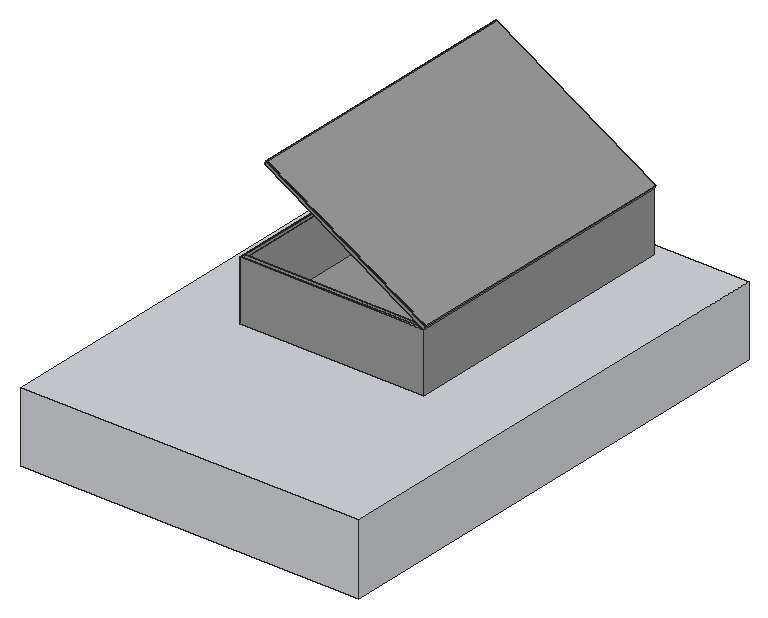
Revit family "Hager-Univers-IP55-D275-H1250-Cl.II-Steel_encl-NL-en", category Equipement électrique, Revit 2020
Family settings
  Hôte = Face
  Configuration du panneau = Deux colonnes, circuits au sein
  Cote de connecteur circulaire = Utiliser le diamètre
  Type d'élément = Tableau de raccordement
  Couper avec des vides une fois chargée = Non
  Partagée = Non
  Point de calcul de pièce = Non
Parameters (values of type "Surface mounted (plaster) IP55 W800 H1250 D275  - FR83S")
  Width Control [instance] = if([EF000008 - Width] > Min Width, [EF000008 - Width], Min Width)  # 800 mm
  Commentaires du type = [HG000003 - Range]  # "Univers"
  Thickness Door [instance] = if([EF009171 - Material plate thickness door/cover] > 3 mm, 3 mm, [EF009171 - Material plate thickness door/cover])  # 1.5 mm
  Seal Frame Offset [instance] = 17 mm  # constant formula
  Plinth Visibility [instance] = [HG000027 - Plinth height] > 0 mm  # no
  Model = ""
  Min Width [instance] = 100 mm  # constant formula
  Min Height [instance] = 100 mm  # constant formula
  Min Depth [instance] = (2 * [EF009170 - Material plate thickness cabinet]) + 1 mm  # 4 mm
  Internal Frame Depth [instance] = (Door System Depth * 0.5)  # 9 mm
  Height Control [instance] = if([EF000040 - Height] > Min Height, [EF000040 - Height], Min Height)  # 1250 mm
  HG000027 - Plinth height = 0 mm
  HG000026 - Floor standing = no
  HG000024 - Bottom section height = 800 mm
  HG000023 - Double section enclosure = no
  HG000016 - Door 3d visibility [instance] = yes
  HG000015 - Clearance visibility [instance] = no
  HG000014 - Door on the right [instance] = yes
  HG000013 - Door on the left [instance] = not([HG000014 - Door on the right])  # no
  HG000012 - Door swing angle [instance] = 30.00°
  HG000010 - Asymmetric doors = no
  HG000009 - Double swing door = no
  HG000006 - Flush mounted = no
  HG000004 - Manufacturer reference = "FR83S"
  HG000003 - Range = "Univers"
  HG000002 - With door or cover = yes
  Frame Offset Bottom [instance] = 10 mm  # constant formula
  Frame Offset [instance] = 15 mm  # constant formula
  EF015940 - Cover with overpressure release = no
  EF011959 - Degree of protection (NEMA) = ""
  EF009554 - Number of openings for flange plates = 6
  EF009212 - Cover model = "EV000116 - Closed"
  EF009171 - Material plate thickness door/cover = 1.5 mm
  EF009170 - Material plate thickness cabinet = 1.5 mm
  Fabricant = "Hager"  # constant formula
  EF008873 - Nominal current (In) = 800 A
  EF007800 - Suitable for lightning protection = no
  EF006306 - With lock = no
  EF006244 - Transparent cover/door = no
  EF005474 - Degree of protection (IP) = "EV006420 - IP55"
  EF004464 - Type of door = "EV002646 - Single"
  EF004427 - Number of modules = 288
  EF004293 - Impact strength = "EV008784 - IK10"
  EF003532 - Suitable for outdoor use = no
  EF002950 - Width in number of modular spacings = 24
  EF001613 - Circuit integrity = "EV000494 - None"
  EF001596 - Material housing = "EV000179 - Steel"
  EF001131 - Internal depth = 275 mm
  EF001088 - Extension possible = yes
  EF000437 - Number of conduit inlets = 6
  EF000339 - Type of cover = "EV004216 - Door"
  EF000266 - Number of rows = 8
  EF000218 - Built-in depth = 0 mm
  EF000118 - With mounting plate = no
  EF000116 - RAL-number = "7035"
  EF000049 - Depth = 275 mm
  EF000040 - Height = 1250 mm
  EF000008 - Width = 800 mm
  EF000007 - Colour = "EV000270 - Grey"
  EF000003 - Mounting method = "EV000384 - Surface mounted (plaster)"
  Door System Leaf Tolerance [instance] = 1.5 mm  # constant formula
  Door System Depth [instance] = 18 mm  # constant formula
  Door Height [instance] = Height Control - [HG000027 - Plinth height]  # 1250 mm
  Depth Control [instance] = if([EF000049 - Depth] > Min Depth, [EF000049 - Depth], Min Depth)  # 275 mm
  Default Elevation = 0 mm
  Connector Offset [instance] = Height Control / 2  # 625 mm
  Bottom Top Plate Trim [instance] = 1.5 mm  # constant formula
  Plinth height Ctrl [instance] = if([HG000027 - Plinth height] > 0 mm, [HG000027 - Plinth height], 12 mm)  # 12 mm
Types (5, lengths in mm): name | Width Control | HG000010 - Asymmetric doors | HG000009 - Double swing door | HG000004 - Manufacturer reference | EF009554 - Number of openings for flange plates | EF004464 - Type of door | EF004427 - Number of modules | EF000437 - Number of conduit inlets | EF000008 - Width
  Surface mounted (plaster) IP55 W1050 H1250 D275  - FR84S | 1050 | no | yes | "FR84S" | 8 | "EV003602 - Double" | 384 | 8 | 1050
  Surface mounted (plaster) IP55 W1300 H1250 D275  - FR85S | 1300 | yes | yes | "FR85S" | 10 | "EV003602 - Double" | 480 | 10 | 1300
  Surface mounted (plaster) IP55 W300 H1250 D275  - FR81S | 300 | no | no | "FR81S" | 2 | "EV002646 - Single" | 96 | 2 | 300
  Surface mounted (plaster) IP55 W550 H1250 D275  - FR82S | 550 | no | no | "FR82S" | 4 | "EV002646 - Single" | 192 | 4 | 550
  Surface mounted (plaster) IP55 W800 H1250 D275  - FR83S | 800 | no | no | "FR83S" | 6 | "EV002646 - Single" | 288 | 6 | 800
Reference planes
  plane 1 "Center (Front/Back)": y = 0
  plane 2: z = 0
  plane 3 "Center (Left/Right)": x = 0
  plane 4: z = 275
  plane 5: y = 1.5
  plane 6: y = 625
  plane 7: y = 0
  plane 8: y = 1250
  plane 9: z = 0
  plane 10: x = -385
  plane 11: x = 385
  plane 12: x = 383.5
  plane 13: x = -383.5
  plane 14: y = 1248.5
  plane 15: x = -383
  plane 16: x = -400
  plane 17: x = 383
  plane 18: x = 400
  plane 19: x = 398.5
  plane 20: x = -398.5
  plane 21: y = 11.5
  plane 22: y = 1250
  plane 23: y = 1233.5
  plane 24: z = 257
  plane 25: z = 1.5
  plane 26: z = 255.5
  plane 27: z = 273.5
Forms (mm)
  Extrusion 1, solid
    sketch origin (0, 0, 0) x (1, 0, 0) y (0, 1, 0)
      loop
        line (-702.964, 1305) -> (-702.964, -811.445) -> (766.763, -811.445) -> (766.763, 1305) -> (-702.964, 1305)
    from 0 to -304.8
  Extrusion 2, solid, material "Hager_Steel_RAL7035_Light_Grey", visible <- "Plinth Visibility", detail levels medium+fine
    sketch origin (0, 0, 0) x (1, 0, 0) y (0, 1, 0)
      loop
        line (-400, 0) -> (400, 0) -> (400, 12) -> (-400, 12) -> (-400, 0)
    from 0 to 257
  Extrusion 3, solid, material "Hager_Steel_RAL7035_Light_Grey", detail levels medium+fine
    sketch origin (0, 0, 0) x (1, 0, 0) y (0, 1, 0)
      loop
        line (-400, 0) -> (400, 0) -> (400, 1250) -> (-400, 1250) -> (-400, 0)
    from 0 to 257
  Extrusion 4, void
    sketch origin (0, 0, 0) x (1, 0, 0) y (0, 1, 0)
      loop
        line (-398.5, 1.5) -> (398.5, 1.5) -> (398.5, 1248.5) -> (-398.5, 1248.5) -> (-398.5, 1.5)
    from 1.5 to 255.5
  Extrusion 5, void
    sketch origin (-381.607, -4572, 257) x (0, -1, 0) y (-1, 0, 0)
      loop
        line (-4583.5, 1.893) -> (-5805.5, 1.893) -> (-5805.5, -765.107) -> (-4583.5, -765.107) -> (-4583.5, 1.893)
    from 0 to 1.5 <- "EF009170 - Material plate thickness cabinet"
  Extrusion 6, solid, material "Hager_Steel_RAL7035_Light_Grey", detail levels fine
    sketch origin (0, 0, 257) x (1, 0, 0) y (0, 1, 0)
      loop
        line (-383.5, 1233.5) -> (-383.5, 11.5) -> (383.5, 11.5) -> (383.5, 1233.5) -> (-383.5, 1233.5)
      loop
        line (-385, 10) -> (385, 10) -> (385, 1235) -> (-385, 1235) -> (-385, 10)
    from 0 to 9 <- "Internal Frame Depth"
  Extrusion 7, solid, material "Hager_Steel_RAL7035_Light_Grey", detail levels coarse
    sketch origin (0, 0, 0) x (1, 0, 0) y (0, 1, 0)
      loop
        line (-400, 0) -> (400, 0) -> (400, 1250) -> (-400, 1250) -> (-400, 0)
    from 0 to 275
  Sweep 8, void
    path in 3D
      loop
        line (-400, 12, 0) -> (400, 12, 0) -> (400, 12, 257) -> (-400, 12, 257) -> (-400, 12, 0)
    profile origin (-400, 12, 128.5) x (-1, 0, 0) y (0, -1, 0)
      loop
        line (0, 0) -> (0, 1.5) -> (-1.5, 1.5)
        arc (-1.5, 1.5) -> (-1.061, 0.439) -> (0, 0) r 1.5
Cuts and joins
  Extrusion 4, Extrusion 5 cuts Extrusion 3
  Sweep 8 cuts Extrusion 2
Lines and regions (mm)
  Masking region 1
    outline origin (0, 0, 0) x (1, 0, 0) y (0, 0, 1)
      loop
        line (-400, 275) -> (-400, 0) -> (400, 0) -> (400, 275) -> (-400, 275)
  Masking region 2, detail levels medium+fine
    outline origin (0, 140, 0) x (0, 1, 0) y (0, 0, 1)
      loop
        line (-140, 0) -> (1110, 0) -> (1110, 257) -> (-140, 257) -> (-140, 0)
  Masking region 3, not visible, detail levels medium+fine
    outline origin (0, 297.922, 0) x (0, 1, 0) y (0, 0, 1)
      loop
        line (338.578, 0) -> (378.578, 0) -> (378.578, 263.5)
        arc (378.578, 263.5) -> (375.649, 270.571) -> (368.578, 273.5) r 10
        line (368.578, 273.5) -> (338.578, 273.5) -> (338.578, 0)
  Masking region 4, detail levels coarse
    outline origin (0, 0, 180) x (0, 1, 0) y (0, 0, 1)
      loop
        line (0, -180) -> (1250, -180) -> (1250, 95) -> (0, 95) -> (0, -180)
  Masking region 5, visible <- "Plinth Visibility", detail levels medium+fine
    outline origin (0, 52.24, 12.345) x (0, 0, -1) y (0, 1, 0)
      loop
        line (10.845, -40.24) -> (-243.155, -40.24)
        arc (-243.155, -40.24) -> (-243.594, -41.301) -> (-244.655, -41.74) r 1.5
        line (-244.655, -41.74) -> (-244.655, -52.24) -> (12.345, -52.24) -> (12.345, -41.74)
        arc (12.345, -41.74) -> (11.285, -41.301) -> (10.845, -40.24) r 1.5
  Masking region 6, detail levels medium+fine
    outline origin (-381.607, -4572, 257) x (-1, 0, 0) y (0, -1, 0)
      loop
        line (18.393, -5822) -> (18.393, -4572) -> (-781.607, -4572) -> (-781.607, -5822) -> (18.393, -5822)
  Masking region 7, visible <- "Plinth Visibility", detail levels medium+fine
    outline origin (-381.607, -4727, 257) x (-1, 0, 0) y (0, -1, 0)
      loop
        arc (16.893, -4739) -> (17.332, -4737.939) -> (18.393, -4737.5) r 1.5
        line (18.393, -4737.5) -> (18.393, -4727) -> (-781.607, -4727) -> (-781.607, -4737.5)
        arc (-781.607, -4737.5) -> (-780.546, -4737.939) -> (-780.107, -4739) r 1.5
        line (-780.107, -4739) -> (16.893, -4739)
  Masking region 8, detail levels coarse
    outline origin (-442.548, -4669.526, 257) x (-1, 0, 0) y (0, -1, 0)
      loop
        line (-42.548, -5919.526) -> (-42.548, -4669.526) -> (-842.548, -4669.526) -> (-842.548, -5919.526) -> (-42.548, -5919.526)
  sketch lines
    curve 1: line (-400, 12, 257) -> (-400, 12, 0)
    curve 2: line (400, 12, 257) -> (-400, 12, 257)
    curve 3: line (400, 12, 257) -> (400, 12, 0)
    curve 4: line (-400, 12, 0) -> (400, 12, 0)
Dimensions and locks
  "Depth Control": plane 4 to Extrusion 1
  "HG000027 - Plinth height": plane 1 "Center (Front/Back)" to plane 7
  "EF009170 - Material plate thickness cabinet": plane 5 to plane 7
  locked: connector elem to plane 3 "Center (Left/Right)"
  equal spacing: plane 8, plane 6, plane 7
  locked: connector elem to plane 6
  "EF009170 - Material plate thickness cabinet": plane 8 to plane 14
  "EF009170 - Material plate thickness cabinet": plane 10 to plane 13
  "EF009170 - Material plate thickness cabinet": plane 12 to plane 11
  "Frame Offset": plane 20 to plane 13
  "Frame Offset": plane 12 to plane 19
  "EF009170 - Material plate thickness cabinet": plane 16 to plane 20
  "EF009170 - Material plate thickness cabinet": plane 19 to plane 18
  "Seal Frame Offset": plane 16 to plane 15
  "Seal Frame Offset": plane 17 to plane 18
  "Frame Offset Bottom": plane 21 to plane 5
  "Frame Offset": plane 14 to plane 23
  equal spacing: plane 16, plane 3 "Center (Left/Right)", plane 18
  "Width Control": plane 16 to plane 18
  "EF009170 - Material plate thickness cabinet": plane 4 to plane 27
  "EF009170 - Material plate thickness cabinet": plane 24 to plane 26
  "EF009170 - Material plate thickness cabinet": plane 25 to level
  "Door System Depth": plane 4 to plane 24
  "Height Control": plane 1 "Center (Front/Back)" to Extrusion 7 sketch curve
  "Height Control": Masking region 4 sketch curve to plane 1 "Center (Front/Back)"
  "Height Control": plane 1 "Center (Front/Back)" to plane 22
  "Bottom Top Plate Trim": profile plane to Sweep 8 sketch curve
  "Bottom Top Plate Trim": Sweep 8 sketch curve to profile plane
  "Plinth height Ctrl": plane 1 "Center (Front/Back)" to Extrusion 2 sketch curve
  "Plinth height Ctrl": Masking region 5 sketch curve to plane 1 "Center (Front/Back)"
  "Plinth height Ctrl": plane 1 "Center (Front/Back)" to Masking region 7 sketch curve
  "Thickness Door": Extrusion 6 sketch curve to Extrusion 6 sketch curve  (x3)
  "Thickness Door": cut or joined group of Extrusion 3, Extrusion 4, Extrusion 5 to Extrusion 6 sketch curve
  radius of Masking region 3 sketch curve = 10 mm
  "Bottom Top Plate Trim": radius of Masking region 5 sketch curve  (x2)
  "Bottom Top Plate Trim": radius of Sweep 8 sketch curve
  "Bottom Top Plate Trim": radius of Masking region 7 sketch curve  (x2)
  aligned and locked: plane 2 to Extrusion 1
  aligned and locked: level to Extrusion 1
  aligned and locked: level to Masking region 1 sketch curve
  aligned and locked: Masking region 1 sketch curve to plane 18
  aligned and locked: Masking region 1 sketch curve to plane 16
  aligned and locked: plane 7 to Masking region 2 sketch curve
  aligned and locked: level to Masking region 3 sketch curve
  aligned and locked: Masking region 3 sketch curve to plane 27
  aligned and locked: level to Masking region 2 sketch curve
  aligned and locked: plane 1 "Center (Front/Back)" to Extrusion 2 sketch curve
  aligned and locked: Extrusion 3 sketch curve to plane 7
  aligned and locked: plane 16 to Extrusion 3 sketch curve
  aligned and locked: plane 18 to Extrusion 3 sketch curve
  aligned and locked: plane 20 to Extrusion 4 sketch curve
  aligned and locked: plane 19 to Extrusion 4 sketch curve
  aligned and locked: Extrusion 4 sketch curve to plane 5
  aligned and locked: Extrusion 4 to plane 25
  aligned and locked: plane 26 to Extrusion 4
  aligned and locked: plane 24 to Extrusion 3
  aligned and locked: Extrusion 5 sketch curve to plane 21
  aligned and locked: Extrusion 5 sketch curve to plane 13
  aligned and locked: Extrusion 5 sketch curve to plane 12
  aligned and locked: plane 18 to Extrusion 7 sketch curve
  aligned and locked: plane 1 "Center (Front/Back)" to Extrusion 7 sketch curve
  aligned and locked: plane 16 to Extrusion 7 sketch curve
  aligned and locked: plane 4 to Extrusion 7
  aligned and locked: Extrusion 7 to level
  aligned and locked: level to Masking region 4 sketch curve
  aligned and locked: Masking region 4 sketch curve to plane 1 "Center (Front/Back)"
  aligned and locked: Masking region 4 sketch curve to plane 4
  aligned and locked: nested 1 to level
  aligned and locked: nested 1 to plane 16
  aligned and locked: plane 8 to Extrusion 3 sketch curve
  aligned and locked: plane 23 to Extrusion 5 sketch curve
  aligned and locked: plane 14 to Extrusion 4 sketch curve
  aligned and locked: Masking region 2 sketch curve to plane 8
  aligned and locked: level to Masking region 5 sketch curve
  aligned and locked: plane 16 to Extrusion 2 sketch curve
  aligned and locked: plane 18 to Extrusion 2 sketch curve
  aligned and locked: Masking region 5 sketch curve to plane 24
  aligned and locked: Masking region 2 sketch curve to plane 24
  aligned and locked: plane 24 to Extrusion 2
  aligned and locked: profile plane to Sweep 8 sketch curve  (x2)
  aligned and locked: Masking region 6 sketch curve to plane 18
  aligned and locked: Masking region 6 sketch curve to plane 22
  aligned and locked: Masking region 6 sketch curve to plane 16
  aligned and locked: plane 8 to plane 22
  aligned and locked: Masking region 6 sketch curve to plane 7
  aligned and locked: Masking region 7 sketch curve to plane 16
  aligned and locked: Masking region 7 sketch curve to plane 1 "Center (Front/Back)"
  aligned and locked: Masking region 7 sketch curve to plane 18
  aligned and locked: Masking region 8 sketch curve to plane 1 "Center (Front/Back)"
  aligned and locked: Masking region 8 sketch curve to plane 18
  aligned and locked: Masking region 8 sketch curve to plane 22
  aligned and locked: Masking region 8 sketch curve to plane 16
  aligned and locked: nested 2 to plane 7
  aligned and locked: plane 3 "Center (Left/Right)" to nested 2
  aligned and locked: nested 2 to plane 24
  aligned and locked: Extrusion 6 sketch curve to cut or joined group of Extrusion 3, Extrusion 4, Extrusion 5  (x4)
Automatic sketch dimensions
  Extrusion 1 sketch curve to Extrusion 1 sketch curve = 1469.727 mm
  Extrusion 1 sketch curve to Extrusion 1 sketch curve = 2116.445 mm
  Masking region 1 sketch curve to plane 4 = 0 mm
  plane 6 to Masking region 3 sketch curve = 11.5 mm
  Masking region 3 sketch curve to Masking region 3 sketch curve = 30 mm
  Masking region 5 sketch curve to plane 1 "Center (Front/Back)" = 0 mm
Nested families
  nested 1: "Hager_Enclosure_Symbol" at (-400, 0, 0) x (1, 0, 0) z (0, -1, 0), Height <- "Depth Control", Width <- "Width Control", type "Hager_Enclosure_Symbol"
    with Width_Ctrl 800 mm, Width 800 mm, Height_Ctrl 275 mm, Height 275 mm, A_Width_Int 18.047 mm, A_Width 216.562 mm, A_Height_Ctrl 240.625 mm, A_Height 240.625 mm
  nested 2: "EC000058_Univers_Door" at (0, 0, 257) x (1, 0, 0) z (0, 1, 0), Leaf_Tolerance <- "Door System Leaf Tolerance", Angle <- "HG000012 - Door swing angle", Door_Depth <- "Door System Depth", Door_Left <- "HG000013 - Door on the left", Transparent <- "EF006244 - Transparent cover/door", Assymetrical <- "HG000010 - Asymmetric doors", Width <- "Width Control", Clearance <- "HG000015 - Clearance visibility", Double <- "HG000009 - Double swing door", 3d_Door <- "HG000016 - Door 3d visibility", Lock_Visibility <- "EF006306 - With lock", Width_Ctrl <- "Width Control", Door_Right <- "HG000014 - Door on the right", Door <- "HG000002 - With door or cover", Height <- "Door Height", Thickness <- "Thickness Door", type "EC000058_Univers_Door", detail levels medium+fine
    with min_wh 4 mm, Width_Ctrl 800 mm, Width 800 mm, Transparent no, Thickness 1.5 mm, Seal_Material Hager_Rubber, Lock_Visibility no, Lock_Material Hager_Plastic_RAL9005_Jet_Black, Leaf_Width 800 mm, Leaf_Tolerance_External_Sides 0 mm, Leaf_Tolerance 1.5 mm, Leaf_Offset 0 mm, Leaf_Height 1247 mm, Leaf_2_Width 800 mm, Leaf_2_Offset 400 mm, Leaf_1_Width 800 mm, Leaf_1_Offset 400 mm, Height_Ctrl 1250 mm, Height 1250 mm, Glass_Material Hager_Glass, Double_Clearance_Ctrl no, Double no, Door_Right_Ctrl yes, Door_Right yes, Door_Material Hager_Steel_RAL7035_Light_Grey, Door_Left_Ctrl no, Door_Left no, Door_Depth 18 mm, Door yes, Clearance_Material Hager_Clearance, Clearance_Depth 800 mm, Clearance_Ctrl no, Clearance no, Assymetrical no, Angle 30.00°, 3d_Door yes
Connectors
  electrical at (0, 625, 0)
    settings: on plane 9, index 1, voltage 0 V, apparent load 0 VA, apparent load phase1 0 VA, apparent load phase2 0 VA, apparent load phase3 0 VA, power factor 1, load classification "Other", number of poles 1, system type 30, power factor state 1, is connector primary yes, connector utility no, sub classification motor no, connector description ""
Definition of nested family "EC000058_Univers_Door"
  Parameters (values of type "EC000058_Univers_Door")
    min_wh [instance] = (2 * Thickness) + 1 mm  # 11 mm
    Width_Ctrl [instance] = 400 mm
    Width [instance] = 500 mm
    Transparent [instance] = yes
    Thickness [instance] = 5 mm
    Seal_Material [instance] = none
    Lock_Visibility [instance] = yes
    Lock_Material [instance] = none
    Leaf_Width [instance] = if((Width_Ctrl - 2 * Leaf_Tolerance_External_Sides) > 0 mm, (Width_Ctrl - 2 * Leaf_Tolerance_External_Sides), min_wh)  # 400 mm
    Leaf_Tolerance_External_Sides [instance] = 0 mm  # constant formula
    Leaf_Tolerance [instance] = 1.5 mm
    Leaf_Offset [instance] = 0 mm  # constant formula
    Leaf_Height [instance] = if((Height_Ctrl - 2 * Leaf_Tolerance) > 0 mm, (Height_Ctrl - 2 * Leaf_Tolerance), min_wh)  # 497 mm
    Leaf_2_Width [instance] = if(and(and(Double, Assymetrical), Door_Left), (Leaf_Width / 3) - (Leaf_Tolerance / 2), if(and(and(Double, Assymetrical), Door_Right), (Leaf_Width / 3) * 2 - (Leaf_Tolerance / 2), if(and(Double, not(Assymetrical)), (Leaf_Width / 2) - Leaf_Tolerance, Leaf_Width)))  # 400 mm
    Leaf_2_Offset [instance] = if(and(Double, Assymetrical), Leaf_2_Width / 2, if(and(Double, not(Assymetrical)), Leaf_Width / 4, Leaf_Width / 2))  # 200 mm
    Leaf_1_Width [instance] = if(and(and(Double, Assymetrical), Door_Right), (Leaf_Width / 3) - (Leaf_Tolerance / 2), if(and(and(Double, Assymetrical), Door_Left), (Width / 3) * 2 - (Leaf_Tolerance / 2), if(and(Double, not(Assymetrical)), (Leaf_Width / 2) - Leaf_Tolerance, Leaf_Width)))  # 400 mm
    Leaf_1_Offset [instance] = if(and(Double, Assymetrical), Leaf_1_Width / 2, if(and(Double, not(Assymetrical)), Leaf_Width / 4, Leaf_Width / 2))  # 200 mm
    Height_Ctrl [instance] = if(Height > min_wh, Height, min_wh)  # 500 mm
    Height [instance] = 500 mm
    Glass_Material [instance] = none
    Double_Clearance_Ctrl [instance] = and(Double, Clearance)  # no
    Double [instance] = no
    Door_Right_Ctrl [instance] = and(or(Door_Right, Double), Door)  # yes
    Door_Right [instance] = yes
    Door_Material [instance] = none
    Door_Left_Ctrl [instance] = and(or(Door_Left, Double), Door)  # no
    Door_Left [instance] = no
    Door_Depth [instance] = 30 mm
    Door [instance] = yes
    Default Elevation = 1219.2 mm
    Clearance_Material [instance] = none
    Clearance_Depth [instance] = if(Leaf_1_Width > Leaf_2_Width, Leaf_1_Width, Leaf_2_Width)  # 400 mm
    Clearance_Ctrl [instance] = and(not(Double), Clearance)  # yes
    Clearance [instance] = yes
    Assymetrical [instance] = yes
    Angle [instance] = 30.00°
    3d_Door [instance] = yes
  Reference planes
    plane 1 "Center (Front/Back)": y = 0
    plane 2 "Bottom": z = 0
    plane 3 "Center (Left/Right)": x = 0
    plane 4: z = 500
    plane 5: x = -200
    plane 6: x = 200
    plane 7: z = 500
    plane 8: x = -200
    plane 9: z = 0
    plane 10: x = 200
    plane 11: y = 0
    plane 12: z = 1.5
    plane 13: x = -600
    plane 14: y = -400
    plane 15: x = 600
    plane 16: x = 0
    plane 17: x = 0
    plane 18: x = -200
    plane 19: x = 200
    plane 20: z = 498.5
  Forms (mm)
    Extrusion 1, solid, material <- "Clearance_Material", visible <- "Double_Clearance_Ctrl"
      sketch origin (1200, 0, 0) x (1, 0, 0) y (0, 0, -1)
        loop
          line (-1800, -498.5) -> (-600, -498.5) -> (-600, 0) -> (-1800, 0) -> (-1800, -498.5)
      from 0 to -400
  Dimensions and locks
    equal spacing: plane 5, plane 3 "Center (Left/Right)", plane 6
    "Width_Ctrl": plane 5 to plane 6
    "Leaf_Offset": plane 5 to plane 8
    "Leaf_Offset": plane 6 to plane 10
    "Leaf_Offset": plane 9 to level
    "Leaf_Offset": plane 4 to plane 7
    "Height_Ctrl": plane 4 to level
    "Leaf_Tolerance": plane 12 to plane 9
    locked: plane 11 to plane 1 "Center (Front/Back)"
    "Leaf_1_Offset": plane 18 to plane 16
    "Leaf_2_Offset": plane 17 to plane 19
    "Leaf_1_Width": plane 13 to plane 8
    "Leaf_2_Width": plane 10 to plane 15
    "Clearance_Depth": plane 14 to plane 1 "Center (Front/Back)"
    "Leaf_Tolerance_External_Sides": plane 8 to plane 18
    "Leaf_Tolerance_External_Sides": plane 19 to plane 10
    "Leaf_Tolerance": plane 7 to plane 20
    aligned and locked: level to plane 2 "Bottom"
    aligned and locked: nested 1 to plane 16
    aligned and locked: nested 2 to plane 17
    aligned and locked: Extrusion 1 to plane 13
    aligned and locked: plane 15 to Extrusion 1
    aligned and locked: Extrusion 1 to plane 14
    aligned and locked: plane 12 to nested 1
    aligned and locked: nested 2 to plane 12
    aligned and locked: Extrusion 1 to plane 11
    aligned and locked: plane 20 to Extrusion 1
    aligned and locked: nested 2 to plane 11
    aligned and locked: nested 1 to plane 11
  Automatic sketch dimensions
    Extrusion 1 sketch curve to level = 0 mm
    plane 5 to Extrusion 1 sketch curve = 400 mm
    plane 6 to Extrusion 1 sketch curve = 400 mm
    Extrusion 1 sketch curve to plane 4 = 1.5 mm
  Nested families
    nested 1: "EC000058_Univers_Door_Leaf" at (0, 0, 1.5), Width <- "Leaf_1_Width", visible <- "Door_Left_Ctrl", Leaf_Height <- "Leaf_Height", Angle <- "Angle", 3d_Door <- "3d_Door", Transparent <- "Transparent", Clearance Material <- "Clearance_Material", Clearance <- "Clearance_Ctrl", Door_Material <- "Door_Material", Glass_Material <- "Glass_Material", Door_Depth <- "Door_Depth", Lock_Material <- "Lock_Material", Seal_Material <- "Seal_Material", Lock_Visibility <- "Lock_Visibility", Thickness <- "Thickness", type "EC000058_Univers_Door_Leaf"
      with Width 400 mm, Transparent_Glass_Offset 30 mm, Transparent_Ctrl yes, Transparent yes, Thickness 5 mm, Standard no, Seal_Material none, Seal_D2 8 mm, Seal_D1 1 mm, Offset_Internal_Frame 10 mm, Lock_Width 20 mm, Lock_Visibility_3d yes, Lock_Visibility yes, Lock_Thickness_3 3 mm, Lock_Thickness_2 1 mm, Lock_Thickness_1 3 mm, Lock_Radius_Offset_2 16 mm, Lock_Radius_Offset_1 15 mm, Lock_Radius_2 5 mm, Lock_Radius 6 mm, Lock_Offset 5 mm, Lock_Material none, Lock_Height 80 mm, Lock_Cover_Top_Offset_2d 17 mm, Lock_Cover_Height -65 mm, Leaf_Height 497 mm, Internal_Seal_Thickness 8 mm, Internal_Seal_Depth_2 4.5 mm, Internal_Frame_Depth 25 mm, Glass_Thickness -1 mm, Glass_Offset -2 mm, Glass_Material none, Door_Material none, Door_Depth 30 mm, Clearance Material none, Clearance yes, Angle_Ctrl 30.00°, Angle 30.00°, 3d_Door yes
    nested 2: "EC000058_Univers_Door_Leaf" at (0, 0, 1.5) x (-1, 0, 0) z (0, 0, 1), Width <- "Leaf_2_Width", visible <- "Door_Right_Ctrl", Leaf_Height <- "Leaf_Height", Angle <- "Angle", 3d_Door <- "3d_Door", Transparent <- "Transparent", Clearance Material <- "Clearance_Material", Clearance <- "Clearance_Ctrl", Door_Material <- "Door_Material", Glass_Material <- "Glass_Material", Door_Depth <- "Door_Depth", Lock_Material <- "Lock_Material", Seal_Material <- "Seal_Material", Lock_Visibility <- "Lock_Visibility", Thickness <- "Thickness", type "EC000058_Univers_Door_Leaf"
      with Width 400 mm, Transparent_Glass_Offset 30 mm, Transparent_Ctrl yes, Transparent yes, Thickness 5 mm, Standard no, Seal_Material none, Seal_D2 8 mm, Seal_D1 1 mm, Offset_Internal_Frame 10 mm, Lock_Width 20 mm, Lock_Visibility_3d yes, Lock_Visibility yes, Lock_Thickness_3 3 mm, Lock_Thickness_2 1 mm, Lock_Thickness_1 3 mm, Lock_Radius_Offset_2 16 mm, Lock_Radius_Offset_1 15 mm, Lock_Radius_2 5 mm, Lock_Radius 6 mm, Lock_Offset 5 mm, Lock_Material none, Lock_Height 80 mm, Lock_Cover_Top_Offset_2d 17 mm, Lock_Cover_Height -65 mm, Leaf_Height 497 mm, Internal_Seal_Thickness 8 mm, Internal_Seal_Depth_2 4.5 mm, Internal_Frame_Depth 25 mm, Glass_Thickness -1 mm, Glass_Offset -2 mm, Glass_Material none, Door_Material none, Door_Depth 30 mm, Clearance Material none, Clearance yes, Angle_Ctrl 30.00°, Angle 30.00°, 3d_Door yes
  Definition of nested family "EC000058_Univers_Door_Leaf"
    Parameters (values of type "EC000058_Univers_Door_Leaf")
      Width [instance] = 2000 mm
      Transparent_Glass_Offset [instance] = 30 mm
      Transparent_Ctrl [instance] = and(Transparent, [3d_Door])  # yes
      Transparent [instance] = yes
      Thickness [instance] = 5 mm
      Standard [instance] = and(not(Transparent), [3d_Door])  # no
      Seal_Material [instance] = none
      Seal_D2 [instance] = 8 mm  # constant formula
      Seal_D1 [instance] = 1 mm  # constant formula
      Offset_Internal_Frame [instance] = 10 mm  # constant formula
      Lock_Width [instance] = 20 mm  # constant formula
      Lock_Visibility_3d [instance] = and(Lock_Visibility, [3d_Door])  # yes
      Lock_Visibility [instance] = yes
      Lock_Thickness_3 [instance] = 3 mm  # constant formula
      Lock_Thickness_2 [instance] = 1 mm  # constant formula
      Lock_Thickness_1 [instance] = 3 mm  # constant formula
      Lock_Radius_Offset_2 [instance] = Lock_Radius_Offset_1 + 1 mm  # 16 mm
      Lock_Radius_Offset_1 [instance] = 15 mm  # constant formula
      Lock_Radius_2 [instance] = Lock_Radius - 1 mm  # 5 mm
      Lock_Radius [instance] = 6 mm  # constant formula
      Lock_Offset [instance] = 5 mm  # constant formula
      Lock_Material [instance] = none
      Lock_Height [instance] = 80 mm  # constant formula
      Lock_Cover_Top_Offset_2d [instance] = Lock_Radius_Offset_2 + 1 mm  # 17 mm
      Lock_Cover_Height [instance] = -(Lock_Height - Lock_Radius_Offset_1)  # -65 mm
      Leaf_Height [instance] = 2720.336 mm
      Internal_Seal_Thickness [instance] = 8 mm  # constant formula
      Internal_Seal_Depth_2 [instance] = 4.5 mm  # constant formula
      Internal_Frame_Depth [instance] = if(Door_Depth - Thickness > 5 mm, Door_Depth - Thickness, 5 mm)  # 25 mm
      Glass_Thickness [instance] = if(Thickness > 15 mm, Glass_Offset + 10 mm, -1 mm)  # -1 mm
      Glass_Offset [instance] = if(Thickness > 15 mm, -(Thickness + 10 mm) / 2, -2 mm)  # -2 mm
      Glass_Material [instance] = none
      Door_Material [instance] = none
      Door_Depth [instance] = 30 mm
      Default Elevation = 0 mm
      Clearance Material [instance] = none
      Clearance [instance] = yes
      Angle_Ctrl [instance] = if(Angle > 180.00°, 180.00°, Angle)  # 90.00°
      Angle [instance] = 90.00°
      3d_Door [instance] = yes
    Reference planes
      plane 1 "Center (Front/Back)": y = 0
      plane 2: z = 0
      plane 3 "Center (Left/Right)": x = 0
      plane 4: y = 2000
      plane 5: x = -1000
      plane 6: x = 1000
      plane 7: x = -3000
      plane 8: z = 2720.336
      plane 9: z = 30
      plane 10: z = 2690.336
      plane 11: x = 970
      plane 12: x = -970
      plane 13: y = -3
      plane 14: z = 107.833
      plane 15: y = -5
      plane 16: y = -223.314
      plane 17: x = -1000
      plane 18: z = 1360.168
      plane 19: y = 30
    Forms (mm)
      Extrusion 1, solid, material <- "Clearance Material", visible <- "Clearance"
        sketch origin (0, 0, 0) x (1, 0, 0) y (0, 0, 1)
          loop
            line (-3000, 2720.336) -> (-3000, 0) -> (1000, 0) -> (1000, 2720.336) -> (-3000, 2720.336)
        from 0 to -2000
      Extrusion 2, solid, material <- "Door_Material", visible <- "Standard", detail levels medium+fine
        sketch origin (-1000, 0, 0) x (0, 1, 0) y (-1, 0, 0)
          loop
            line (0, 30) -> (0, 25) -> (2000, 25) -> (2000, 30) -> (0, 30)
        from 0 to 2720.336 <- "Leaf_Height"
      Extrusion 3, solid, material <- "Door_Material", visible <- "Transparent_Ctrl", detail levels medium+fine
        sketch origin (-1000, 0, 0) x (0, 1, 0) y (-1, 0, 0)
          loop
            line (0, 25) -> (2000, 25) -> (2000, 30) -> (0, 30) -> (0, 25)
        from 0 to 2720.336 <- "Leaf_Height"
      Extrusion 4, void
        sketch origin (-1025, 2000, 0) x (0, 1, 0) y (0, 0, -1)
          loop
            line (-30, -2690.336) -> (-30, -30) -> (-1970, -30) -> (-1970, -2690.336) -> (-30, -2690.336)
        from 0 to 5 <- "Thickness"
      Sweep 5, solid, material <- "Seal_Material", visible <- "Transparent_Ctrl", detail levels fine
        path in 3D
          loop
            line (-1025, 30, 30) -> (-1025, 30, 2690.336) -> (-1025, 1970, 2690.336) -> (-1025, 1970, 30) -> (-1025, 30, 30)
        profile origin (-1025, 1000, 30) x (1, 0, 0) y (0, 0, 1)
          loop
            line (0, 0) -> (0, -8) -> (1, -8) -> (1, 0) -> (0, 0)
      Extrusion 6, solid, material <- "Glass_Material", visible <- "Transparent_Ctrl", detail levels medium+fine
        sketch origin (-1030, 0, 0) x (0, 1, 0) y (0, 0, -1)
          loop
            line (1970, -2690.336) -> (1970, -30) -> (30, -30) -> (30, -2690.336) -> (1970, -2690.336)
        from -2 <- "Glass_Offset" to -1 <- "Glass_Thickness"
      Extrusion 7, solid, material <- "Door_Material", visible <- "3d_Door", detail levels medium+fine
        sketch origin (-1025, 2000, 0) x (0, -1, 0) y (0, 0, -1)
          loop
            line (0, -2720.336) -> (2000, -2720.336) -> (2000, 0) -> (0, 0) -> (0, -2720.336)
          loop
            line (1995, -5) -> (5, -5) -> (5, -2715.336) -> (1995, -2715.336) -> (1995, -5)
        from 0 to 25 <- "Internal_Frame_Depth"
      Sweep 8, solid, material <- "Seal_Material", visible <- "Transparent_Ctrl", detail levels fine
        path in 3D
          loop
            line (-1025, 0, 0) -> (-1025, 2000, 0) -> (-1025, 2000, 2720.336) -> (-1025, 0, 2720.336) -> (-1025, 0, 0)
        profile origin (-1025, 0, 1360.168) x (1, 0, 0) y (0, 1, 0)
          loop
            line (0, 10) -> (2.975, 10)
            arc (2.975, 10) -> (4.053, 10.447) -> (4.5, 11.525) r 1.525
            line (4.5, 11.525) -> (4.5, 16.527)
            arc (4.5, 16.527) -> (4.069, 17.569) -> (3.027, 18) r 1.473
            line (3.027, 18) -> (0, 18) -> (0, 10)
      Extrusion 9, solid, material <- "Lock_Material", visible <- "Lock_Visibility_3d", detail levels fine
        sketch origin (-1030, 0, 0) x (0, 1, 0) y (0, 0, -1)
          loop
            arc (1993.5, -1400.168) -> (1994.561, -1399.729) -> (1995, -1398.668) r 1.5
            line (1995, -1398.668) -> (1995, -1320.168) -> (1975, -1320.168) -> (1975, -1398.668)
            arc (1975, -1398.668) -> (1975.439, -1399.729) -> (1976.5, -1400.168) r 1.5
            line (1976.5, -1400.168) -> (1993.5, -1400.168)
        from 3 <- "Lock_Thickness_1" to 0
      Blend 10, solid, material <- "Lock_Material", visible <- "Lock_Visibility_3d", detail levels fine
        base sketch origin (-1033, 0, 0) x (0, 1, 0) y (0, 0, -1)
          loop
            line (1975, -1320.168) -> (1975, -1398.668)
            arc (1975, -1398.668) -> (1975.439, -1399.729) -> (1976.5, -1400.168) r 1.5
            line (1976.5, -1400.168) -> (1993.5, -1400.168)
            arc (1993.5, -1400.168) -> (1994.561, -1399.729) -> (1995, -1398.668) r 1.5
            line (1995, -1398.668) -> (1995, -1320.168) -> (1975, -1320.168)
        top sketch origin (-1033, 0, 0) x (0, 1, 0) y (0, 0, -1)
          loop
            line (1976, -1320.168) -> (1976, -1398.668)
            arc (1976, -1398.668) -> (1976.146, -1399.022) -> (1976.5, -1399.168) r 0.5
            line (1976.5, -1399.168) -> (1993.5, -1399.168)
            arc (1993.5, -1399.168) -> (1993.854, -1399.022) -> (1994, -1398.668) r 0.5
            line (1994, -1398.668) -> (1994, -1320.168) -> (1976, -1320.168)
        from 0 to 1 <- "Lock_Thickness_2"
      Blend 11, solid, material <- "Lock_Material", visible <- "Lock_Visibility_3d", detail levels fine
        base sketch origin (-1034, 0, 0) x (0, 1, 0) y (0, 0, -1)
          loop
            line (1978, -1320.168) -> (1978, -1384.168)
            arc (1978, -1384.168) -> (1985, -1391.168) -> (1992, -1384.168) r 7
            line (1992, -1384.168) -> (1992, -1320.168) -> (1978, -1320.168)
        top sketch origin (-1034, 0, 0) x (0, 1, 0) y (0, 0, -1)
          loop
            line (1991, -1320.168) -> (1979, -1320.168) -> (1979, -1383.168)
            arc (1979, -1383.168) -> (1985, -1389.168) -> (1991, -1383.168) r 6
            line (1991, -1383.168) -> (1991, -1320.168)
        from 0 to 3 <- "Lock_Thickness_3"
      Extrusion 12, solid, material <- "Lock_Material", visible <- "Lock_Visibility_3d", detail levels fine
        sketch origin (-1030, 1975, 1320.168) x (1, 0, 0) y (0, -1, 0)
          loop
            line (-7, -19) -> (-7, -1) -> (0, -1) -> (0, 0) -> (-8, 0) -> (-8, -20) -> (0, -20) -> (0, -19) -> (-7, -19)
        from 0 to -65 <- "Lock_Cover_Height"
      Extrusion 13, void
        sketch origin (-1038, 1995, 1320.168) x (-1, 0, 0) y (0, 0, -1)
          loop
            line (-5, -65) -> (0, -65) -> (-5, -60) -> (-5, -65)
        from 0 to 20 <- "Lock_Width"
      Extrusion 14, void
        sketch origin (-1038, 1975, 1320.168) x (0, -1, 0) y (0, 0, -1)
          loop
            circle (-10, -15.995) r 6
          loop
            circle (-10, -15.995) r 5
        from 0 to 2
      Extrusion 15, solid, material <- "Lock_Material", visible <- "Lock_Visibility_3d", detail levels medium
        sketch origin (-1030, 0, 0) x (0, 1, 0) y (0, 0, -1)
          loop
            arc (1993.5, -1400.168) -> (1994.561, -1399.729) -> (1995, -1398.668) r 1.5
            line (1995, -1398.668) -> (1995, -1320.168) -> (1975, -1320.168) -> (1975, -1398.668)
            arc (1975, -1398.668) -> (1975.439, -1399.729) -> (1976.5, -1400.168) r 1.5
            line (1976.5, -1400.168) -> (1993.5, -1400.168)
        from 8 to 0
    Cuts and joins
      Extrusion 4 cuts Extrusion 3
      Extrusion 13, Extrusion 14 cuts Extrusion 9
      Extrusion 14 cuts Blend 11
      Extrusion 13, Extrusion 14 cuts Extrusion 12
      joined: Extrusion 9, Blend 10, Blend 11, Extrusion 12
      Extrusion 14 cuts Extrusion 15
    Lines and regions (mm)
      Masking region 1, visible <- "Lock_Visibility", detail levels fine
        outline origin (0, 0, 0) x (0, 1, 0) y (0, 0, 1)
          loop
            line (30, 1320.168) -> (33, 1320.168) -> (33, 1400.168) -> (30, 1400.168) -> (30, 1320.168)
      Masking region 2, visible <- "Lock_Visibility", detail levels fine
        outline origin (0, 3.143, 0) x (0, 1, 0) y (0, 0, 1)
          loop
            line (29.857, 1354.168) -> (30.857, 1354.168) -> (30.857, 1366.168) -> (29.857, 1366.168) -> (29.857, 1354.168)
      Masking region 3, detail levels medium+fine
        outline origin (0, 0, 0) x (0, 1, 0) y (0, 0, 1)
          loop
            line (0, 0) -> (30, 0) -> (30, 2720.336) -> (0, 2720.336) -> (0, 0)
      Masking region 4, detail levels medium+fine
        outline origin (0, 0, 0) x (1, 0, 0) y (0, 0, 1)
          loop
            line (-1000, 2720.336) -> (-1000, 0) -> (1000, 0) -> (1000, 2720.336) -> (-1000, 2720.336)
      Masking region 5, visible <- "Lock_Visibility", detail levels fine
        outline origin (-47.116, 0, 0) x (1, 0, 0) y (0, 0, 1)
          loop
            arc (1024.616, 1399.168) -> (1023.556, 1398.729) -> (1023.116, 1397.668) r 1.5
            line (1023.116, 1397.668) -> (1023.116, 1320.168) -> (1041.116, 1320.168) -> (1041.116, 1397.668)
            arc (1041.116, 1397.668) -> (1040.677, 1398.729) -> (1039.616, 1399.168) r 1.5
            line (1039.616, 1399.168) -> (1024.616, 1399.168)
      Masking region 6, visible <- "Lock_Visibility", detail levels medium+fine
        outline origin (-25, 0, 0) x (1, 0, 0) y (0, 0, 1)
          loop
            arc (1001.5, 1400.168) -> (1000.439, 1399.729) -> (1000, 1398.668) r 1.5
            line (1000, 1398.668) -> (1000, 1320.168) -> (1020, 1320.168) -> (1020, 1398.668)
            arc (1020, 1398.668) -> (1019.561, 1399.729) -> (1018.5, 1400.168) r 1.5
            line (1018.5, 1400.168) -> (1001.5, 1400.168)
      Masking region 7, visible <- "Lock_Visibility", detail levels fine
        outline origin (-73.735, 0, 0) x (1, 0, 0) y (0, 0, 1)
          loop
            line (1051.735, 1382.168) -> (1065.735, 1382.168) -> (1065.735, 1384.168)
            arc (1065.735, 1384.168) -> (1058.735, 1391.168) -> (1051.735, 1384.168) r 7
            line (1051.735, 1384.168) -> (1051.735, 1382.168)
      Masking region 8, visible <- "Lock_Visibility", detail levels fine
        outline origin (-73.735, 0, 0) x (1, 0, 0) y (0, 0, 1)
          loop
            line (1052.735, 1382.168) -> (1064.735, 1382.168) -> (1064.735, 1383.168)
            arc (1064.735, 1383.168) -> (1058.735, 1389.168) -> (1052.735, 1383.168) r 6
            line (1052.735, 1383.168) -> (1052.735, 1382.168)
      Masking region 9, visible <- "Lock_Visibility", detail levels fine
        outline origin (-25, 0, 0) x (1, 0, 0) y (0, 0, 1)
          loop
            line (1020, 1320.168) -> (1020, 1382.168) -> (1000, 1382.168) -> (1000, 1320.168) -> (1020, 1320.168)
      Masking region 10, detail levels medium+fine
        outline origin (0, 0, 0) x (1, 0, 0) y (0, 0, 1)
          loop
            circle (985, 1335.144) r 6
      Masking region 11, detail levels fine
        outline origin (0, 0, 0) x (1, 0, 0) y (0, 0, 1)
          loop
            circle (985, 1335.144) r 5
      Masking region 12, visible <- "Lock_Visibility", detail levels fine
        outline origin (0, 12.767, 0) x (0, 1, 0) y (0, 0, 1)
          loop
            line (20.233, 1320.168) -> (21.233, 1320.168) -> (21.233, 1399.168) -> (20.233, 1400.168) -> (20.233, 1320.168)
      Masking region 13, visible <- "Lock_Visibility", detail levels fine
        outline origin (0, 13.767, -10) x (0, 1, 0) y (0, 0, 1)
          loop
            line (20.233, 1330.168) -> (23.233, 1330.168) -> (23.233, 1399.168) -> (20.233, 1402.168) -> (20.233, 1330.168)
      Masking region 14, visible <- "Lock_Visibility", detail levels fine
        outline origin (0, 12.767, -10) x (0, 1, 0) y (0, 0, 1)
          loop
            line (20.233, 1330.168) -> (25.233, 1330.168) -> (25.233, 1399.305) -> (20.233, 1394.305) -> (20.233, 1330.168)
      Masking region 15, visible <- "Lock_Visibility", detail levels medium
        outline origin (0, 0, 0) x (0, 1, 0) y (0, 0, 1)
          loop
            line (30, 1320.168) -> (38, 1320.168) -> (38, 1400.168) -> (30, 1400.168) -> (30, 1320.168)
      Masking region 16, visible <- "Lock_Visibility", detail levels fine
        outline origin (-1000, 0, 0) x (0, 1, 0) y (-1, 0, 0)
          loop
            line (1975, 30) -> (1995, 30) -> (1995, 38) -> (1975, 38) -> (1975, 30)
          loop
            line (1979, 37) -> (1976, 37) -> (1976, 34) -> (1978, 34) -> (1979, 37)
          loop
            line (1994, 37) -> (1991, 37) -> (1992, 34) -> (1994, 34) -> (1994, 37)
      Masking region 17, visible <- "Lock_Visibility", detail levels medium
        outline origin (-1000, 0, 0) x (0, 1, 0) y (-1, 0, 0)
          loop
            line (1975, 30) -> (1995, 30) -> (1995, 38) -> (1975, 38) -> (1975, 30)
      symbolic lines
        curve 1: line (1000, 0, 0) -> (-3000, 0, 0)
        curve 2: arc (1000, 0, 0) -> (-1000, 2000, 0) -> (-3000, 0, 0) r 2000
        curve 4: line (-1030, 0, 0) -> (-1030, 2000, 0)
      reference lines
        curve 3: line (-1000, 0, 0) -> (-1000, 2000, 0)
      symbolic lines, detail levels medium+fine
        curve 5: line (-1030, 2000, 0) -> (-1025, 2000, 0)
        curve 7: line (-1025, 0, 0) -> (-1030, 0, 0)
        curve 8: line (-1025, 0, 0) -> (-1000, 0, 0)
        curve 9: line (-1000, 0, 0) -> (-1000, 2000, 0)
        curve 10: line (-1000, 2000, 0) -> (-1025, 2000, 0)
      symbolic lines, detail levels fine
        curve 6: line (-1025, 2000, 0) -> (-1025, 0, 0)
      sketch lines
        curve 11: line (-1025, 0, 2720.336) -> (-1025, 0, 0)
        curve 12: line (-1025, 2000, 0) -> (-1025, 0, 0)
        curve 13: line (-1025, 2000, 2720.336) -> (-1025, 2000, 0)
        curve 14: line (-1025, 0, 2720.336) -> (-1025, 2000, 2720.336)
        curve 15: line (-1025, 1970, 30) -> (-1025, 30, 30)
        curve 16: line (-1025, 30, 30) -> (-1025, 30, 2690.336)
        curve 17: line (-1025, 1970, 2690.336) -> (-1025, 1970, 30)
        curve 18: line (-1025, 30, 2690.336) -> (-1025, 1970, 2690.336)
      symbolic lines, visible <- "Transparent", detail levels medium+fine
        curve 19: line (-970, 0, 2690.336) -> (970, 0, 2690.336)
        curve 20: line (-970, 0, 30) -> (-970, 0, 2690.336)
        curve 21: line (970, 0, 30) -> (-970, 0, 30)
        curve 22: line (970, 0, 2690.336) -> (970, 0, 30)
    Dimensions and locks
      "Width": plane 1 "Center (Front/Back)" to plane 4
      equal spacing: plane 5, plane 3 "Center (Left/Right)", plane 6
      "Width": plane 5 to plane 6
      "Width": plane 7 to plane 5
      "Leaf_Height": plane 8 to level
      "Width": curve 5 to curve 3
      "Width": curve 3 to curve 3
      plane 8 to plane 10 = 30 mm
      plane 9 to level = 30 mm
      plane 12 to plane 5 = 30 mm
      plane 6 to plane 11 = 30 mm
      Extrusion 1 to Extrusion 4 sketch curve = 30 mm
      "Transparent_Glass_Offset": curve 3 to Extrusion 4 sketch curve
      "Transparent_Glass_Offset": Extrusion 4 sketch curve to cut or joined group of Extrusion 3, Extrusion 4  (x2)
      cut or joined group of Extrusion 3, Extrusion 4 to Extrusion 6 sketch curve = 30 mm
      "Transparent_Glass_Offset": cut or joined group of Extrusion 3, Extrusion 4 to Extrusion 4 sketch curve
      "Thickness": curve 6 to curve 4
      "Thickness": Extrusion 7 sketch curve to Extrusion 7 sketch curve  (x4)
      "Door_Depth": curve 4 to curve 3
      "Offset_Internal_Frame": profile plane to Sweep 8 sketch curve
      "Internal_Seal_Thickness": Sweep 8 sketch curve to Sweep 8 sketch curve
      "Internal_Seal_Depth_2": profile plane to Sweep 8 sketch curve
      "Seal_D1": profile plane to Sweep 5 sketch curve
      "Seal_D2": profile plane to Sweep 5 sketch curve
      "Thickness": Extrusion 2 sketch curve to Extrusion 2 sketch curve
      equal spacing: Extrusion 9 sketch curve, plane 18, Extrusion 9 sketch curve  (x2)
      equal spacing: Masking region 1 sketch curve, plane 18, Masking region 1 sketch curve
      "Lock_Height": Masking region 1 sketch curve to Masking region 1 sketch curve
      "Lock_Radius": Masking region 2 sketch curve to plane 18 to Masking region 2 sketch curve
      Masking region 2 sketch curve to Masking region 1 = 1 mm
      "Door_Depth": plane 19 to plane 1 "Center (Front/Back)"
      "Lock_Thickness_1": Masking region 1 sketch curve to plane 19
      "Lock_Width": Extrusion 9 sketch curve to Extrusion 9 sketch curve
      "Lock_Height": Extrusion 9 sketch curve to Extrusion 9 sketch curve
      "Lock_Offset": cut or joined group of Extrusion 3, Extrusion 4 to Extrusion 9 sketch curve
      equal spacing: plane 8, plane 18, level
      "Lock_Radius_Offset_1": Blend 11 sketch curve to Blend 10
      locked: Blend 10 to Blend 11 sketch curve at 2  (x2)
      locked: var sketch to Blend 11 sketch curve at 1  (x2)
      "Lock_Radius_Offset_2": Blend 11 sketch curve to Blend 10
      locked: Extrusion 12 sketch curve to Extrusion 12 sketch curve at 1  (x3)
      Masking region 6 sketch curve to Masking region 6 sketch curve = 80 mm
      "Lock_Height": Masking region 6 sketch curve to Masking region 6 sketch curve
      "Lock_Width": Masking region 6 sketch curve to Masking region 6 sketch curve
      locked: Masking region 6 to Masking region 5 sketch curve at 1  (x3)
      locked: Masking region 5 to Masking region 7 sketch curve at 2  (x2)
      "Lock_Radius_Offset_1": Masking region 5 to Masking region 7 sketch curve
      "Lock_Radius_Offset_2": Masking region 5 to Masking region 8 sketch curve
      locked: Masking region 7 to Masking region 8 sketch curve at 1  (x2)
      "Lock_Cover_Top_Offset_2d": Masking region 5 to Masking region 9 sketch curve
      equal spacing: Masking region 9, Masking region 10 sketch curve, Masking region 9
      equal spacing: Masking region 9, Masking region 11 sketch curve, Masking region 9
      Extrusion 15 sketch curve to Extrusion 15 sketch curve = 80 mm
      "Lock_Width": Extrusion 15 sketch curve to Extrusion 15 sketch curve
      "Lock_Height": Extrusion 15 sketch curve to Extrusion 15 sketch curve
      equal spacing: Extrusion 15 sketch curve, plane 18, Extrusion 15 sketch curve
      "Lock_Thickness_3": Masking region 13 sketch curve to Masking region 13 sketch curve
      "Lock_Height": Masking region 12 sketch curve to Masking region 12 sketch curve
      locked: Masking region 13 sketch curve to Masking region 1 at 8
      locked: Masking region 14 sketch curve to Masking region 13 at 1
      locked: Masking region 14 sketch curve to Masking region 1 at 10.863
      "Lock_Height": Masking region 15 sketch curve to Masking region 15 sketch curve
      "Lock_Offset": Extrusion 15 sketch curve to cut or joined group of Extrusion 3, Extrusion 4
      "Lock_Offset": plane 6 to Masking region 6 sketch curve
      radius of Sweep 8 sketch curve = 1.525 mm
      radius of Sweep 8 sketch curve = 1.473 mm
      radius of Extrusion 9 sketch curve = 1.5 mm  (x2)
      "Lock_Radius": radius of Extrusion 14 sketch curve
      "Lock_Radius_2": radius of Extrusion 14 sketch curve
      "Lock_Radius": radius of Masking region 10 sketch curve
      "Lock_Radius_2": radius of Masking region 11 sketch curve
      radius of Extrusion 15 sketch curve = 1.5 mm  (x2)
      "Angle_Ctrl": angle plane 1 "Center (Front/Back)" to curve 3
      locked: Masking region 12 sketch curve to Masking region 12 sketch curve (angle 45.00°)
      locked: Masking region 13 sketch curve to Masking region 13 sketch curve (angle 45.00°)
      locked: Masking region 14 sketch curve to Masking region 14 sketch curve (angle 45.00°)
      aligned and locked: level to plane 2
      aligned and locked: Extrusion 1 to curve 1
      aligned and locked: plane 6 to Extrusion 1
      aligned and locked: Extrusion 1 to plane 1 "Center (Front/Back)"
      aligned and locked: plane 4 to Extrusion 1
      aligned and locked: plane 8 to Extrusion 1
      aligned and locked: curve 7 to Extrusion 2 sketch curve
      aligned and locked: curve 5 to Extrusion 2 sketch curve
      aligned and locked: curve 7 to Extrusion 3 sketch curve
      aligned and locked: Extrusion 3 sketch curve to curve 4
      aligned and locked: Extrusion 3 sketch curve to curve 6
      aligned and locked: Extrusion 3 sketch curve to curve 5
      aligned and locked: curve 9 to curve 3
      aligned and locked: Extrusion 7 sketch curve to cut or joined group of Extrusion 3, Extrusion 4  (x4)
      aligned and locked: plane 17 to curve 3
      aligned and locked: plane 1 "Center (Front/Back)" to curve 3
      aligned and locked: plane 17 to plane 5
      aligned and locked: Sweep 8 sketch curve to profile plane
      aligned and locked: Sweep 5 sketch curve to profile plane  (x2)
      aligned and locked: Masking region 1 to Masking region 2 sketch curve
      aligned and locked: plane 19 to Masking region 1 sketch curve
      aligned and locked: plane 1 "Center (Front/Back)" to Masking region 3 sketch curve
      aligned and locked: plane 19 to Masking region 3 sketch curve
      aligned and locked: level to Masking region 3 sketch curve
      aligned and locked: Masking region 3 sketch curve to plane 8
      aligned and locked: plane 17 to Masking region 4 sketch curve
      aligned and locked: level to Masking region 4 sketch curve
      aligned and locked: Masking region 4 sketch curve to plane 8
      aligned and locked: plane 12 to curve 20
      aligned and locked: plane 10 to curve 19
      aligned and locked: plane 11 to curve 22
      aligned and locked: curve 21 to plane 9
      aligned and locked: Extrusion 2 sketch curve to cut or joined group of Extrusion 3, Extrusion 4
      aligned and locked: Blend 10 sketch curve to Extrusion 9  (x4)
      aligned and locked: Extrusion 9 to Blend 10 sketch curve
      aligned and locked: Blend 10 to Blend 11 sketch curve
      aligned and locked: Extrusion 12 sketch curve to Blend 11
      aligned and locked: Extrusion 12 sketch curve to Extrusion 9  (x4)
      aligned and locked: Masking region 5 sketch curve to Masking region 6
      aligned and locked: Masking region 9 sketch curve to Masking region 6  (x3)
      aligned and locked: Masking region 12 sketch curve to Masking region 1
      aligned and locked: Masking region 13 sketch curve to Masking region 1
      aligned and locked: Masking region 12 to Masking region 14
      aligned and locked: Masking region 14 sketch curve to Masking region 1
      aligned and locked: Masking region 15 sketch curve to Masking region 14
      aligned and locked: Masking region 13 sketch curve to Masking region 12
      aligned and locked: Masking region 16 sketch curve to cut or joined group of Extrusion 14, Extrusion 15  (x4)
      aligned and locked: Masking region 16 sketch curve to cut or joined group of Extrusion 9, Blend 10, Blend 11, Extrusion 12, Extrusion 13, Extrusion 14  (x6)
      aligned and locked: cut or joined group of Extrusion 9, Blend 10, Blend 11, Extrusion 12, Extrusion 13, Extrusion 14 to Masking region 16 sketch curve
      aligned and locked: Masking region 17 sketch curve to cut or joined group of Extrusion 14, Extrusion 15  (x3)
      aligned and locked: Masking region 17 sketch curve to cut or joined group of Extrusion 9, Blend 10, Blend 11, Extrusion 12, Extrusion 13, Extrusion 14
      aligned and locked: Masking region 9 to Masking region 8 sketch curve
      aligned and locked: Masking region 9 to Masking region 7 sketch curve
    Automatic sketch dimensions
      plane 1 "Center (Front/Back)" to curve 2 = 0 mm
      curve 2 to plane 5 = 0 mm
      Extrusion 1 sketch curve to level = 0 mm
      Extrusion 1 sketch curve to plane 7 = 0 mm
      Extrusion 1 sketch curve to plane 6 = 0 mm
      Extrusion 1 sketch curve to plane 8 = 0 mm
      Extrusion 3 to Extrusion 6 sketch curve = 30 mm  (x4)
      Masking region 4 sketch curve to plane 6 = 0 mm
      Blend 10 sketch curve to Extrusion 9 = 1.5 mm
      Blend 10 sketch curve to Extrusion 9 = 1 mm
      Extrusion 13 sketch curve to Extrusion 12 = 0 mm  (x2)
      Extrusion 12 to Extrusion 13 sketch curve = 3 mm
      Extrusion 13 sketch curve to Extrusion 12 = 5 mm
      Extrusion 14 sketch curve to Extrusion 14 sketch curve = 0 mm  (x2)
      Extrusion 14 sketch curve to Extrusion 12 = 10 mm
      Extrusion 14 sketch curve to Extrusion 12 = 15.995 mm
      Masking region 5 sketch curve to Masking region 5 sketch curve = 1.5 mm  (x2)
      Masking region 10 sketch curve to plane 18 = 25.024 mm
      Masking region 11 sketch curve to plane 18 = 25.024 mm
      plane 19 to Masking region 14 sketch curve = 3 mm
      Masking region 16 sketch curve to Masking region 16 sketch curve = 3 mm
      curve 4 to curve 3 = 0 mm
      Blend 10 to Blend 11 sketch curve = 0 mm
      Masking region 6 sketch curve to Masking region 6 sketch curve = 1.5 mm  (x2)
      Masking region 6 sketch curve to plane 18 = 40 mm
      plane 19 to Masking region 12 sketch curve = 3 mm
      Masking region 12 sketch curve to Masking region 12 sketch curve = 1 mm
      Masking region 15 sketch curve to plane 19 = 0 mm
      Masking region 15 sketch curve to plane 18 = 40 mm
      radius of Blend 10 sketch curve to Extrusion 9 = 1 mm
Definition of nested family "Hager_Enclosure_Symbol"
  Parameters (values of type "Hager_Enclosure_Symbol")
    Width_Ctrl [instance] = if(Width > 1 mm, Width, 1 mm)  # 102.27 mm
    Width [instance] = 102.27 mm
    Height_Ctrl [instance] = if(Height > 1 mm, Height, 1 mm)  # 66.5 mm
    A_Width_Int [instance] = if(A_Width / 12 > 2 mm, A_Width / 12, 2 mm)  # 4.364 mm
    A_Width [instance] = if(A_Height_Ctrl * 0.9 > 2 mm, A_Height_Ctrl * 0.9, 2 mm)  # 52.369 mm
    A_Height_Ctrl [instance] = if(A_Height > 2 mm, A_Height, 2 mm)  # 58.188 mm
    Height [instance] = 66.5 mm
    A_Height [instance] = Height - (Height / 8)  # 58.188 mm
  Reference planes
    plane 1 "Centre (avant/arrière)": y = 0
    plane 2: z = 0
    plane 3 "Centre (gauche/droite)": x = 0
    plane 4: x = 52.369
    plane 5: y = 33.042
    plane 6: y = 41.77
    plane 7: y = 66.5
    plane 8: x = 26.184
    plane 9: y = 37.406
    plane 10: x = 102.27
    plane 11: y = 66.5
    plane 12: y = 8.313
  Lines and regions (mm)
    Filled region 1, type "Solid_Black", in view "Niveau de réf."
      outline origin (0, 0, 0) x (1, 0, 0) y (0, 1, 0)
        loop
          line (52.369, 66.5) -> (33.188, 54.536) -> (45.365, 45.006) -> (52.369, 66.5)
    Filled region 2, type "Solid_Black", in view "Niveau de réf."
      outline origin (0, 0, 0) x (1, 0, 0) y (0, 1, 0)
        loop
          line (0, 0) -> (102.27, 0) -> (102.27, 66.5) -> (0, 0)
    detail lines, in view "Niveau de réf."
      curve 1: line (0, 8.313, 0) -> (26.184, 41.77, 0)
      curve 2: line (26.184, 41.77, 0) -> (26.184, 33.042, 0)
      curve 3: line (26.184, 33.042, 0) -> (52.369, 66.5, 0)
  Dimensions and locks
    "A_Width": plane 3 "Centre (gauche/droite)" to plane 4
    equal spacing: plane 3 "Centre (gauche/droite)", plane 8, plane 4
    equal spacing: plane 6, plane 9, plane 5
    equal spacing: curve 3, Filled region 1 sketch curve, Filled region 1 sketch curve
    "Height_Ctrl": plane 1 "Centre (avant/arrière)" to plane 11
    "A_Height_Ctrl": plane 11 to plane 12
    equal spacing: plane 11, plane 9, plane 12
    "A_Width_Int": plane 6 to plane 9
    "Width_Ctrl": plane 3 "Centre (gauche/droite)" to plane 10
    angle Filled region 1 sketch curve to curve 3 = 20.00°
    angle curve 3 to Filled region 1 sketch curve = 20.00°
    locked: curve 3 to Filled region 1 sketch curve (angle 90.00°)
    aligned and locked: plane 10 to Filled region 2
    aligned and locked: plane 11 to Filled region 2 sketch curve
    aligned and locked: plane 10 to Filled region 2 sketch curve
    aligned and locked: plane 3 "Centre (gauche/droite)" to curve 1
    aligned and locked: plane 12 to curve 1
    aligned and locked: plane 7 to plane 11
  Automatic sketch dimensions
    Filled region 1 sketch curve to plane 4 = 0 mm
    Filled region 1 sketch curve to plane 7 = 0 mm
    plane 1 "Centre (avant/arrière)" to Filled region 2 sketch curve = 0 mm
    Filled region 2 sketch curve to plane 3 "Centre (gauche/droite)" = 0 mm
    curve 2 to plane 6 = 0 mm
    curve 2 to plane 8 = 0 mm
    curve 3 to plane 4 = 0 mm
    curve 2 to plane 5 = 0 mm
    curve 3 to plane 7 = 0 mm
